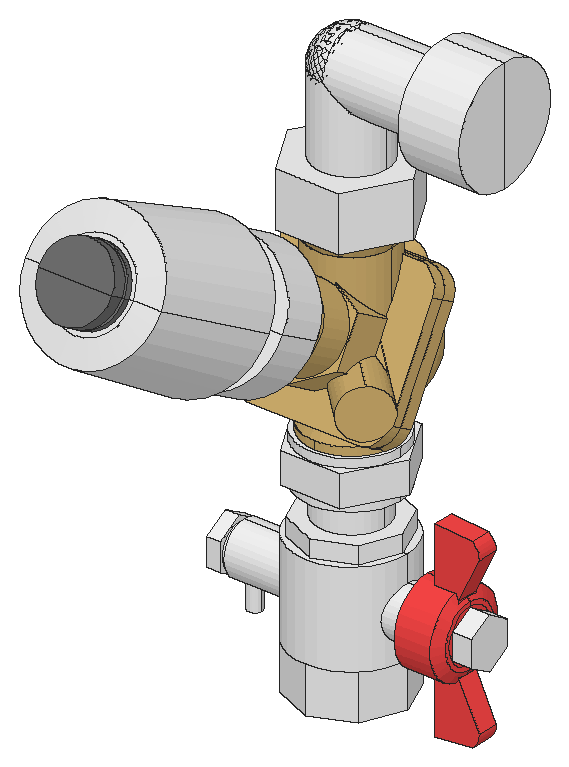
Revit family "AB-PM_DN15-25_Vertical_Part A_TWA-Q_RFA_1", category Pipe Accessories, Revit 2019
Family settings
  Round Connector Dimension = Use Diameter
  Part Type = Valve - Breaks Into
  OmniClass Number = 23.65.55.14.17
  OmniClass Title = Adjusting/Controlling Valves for Liquid Services
  Work Plane-Based = No
  Always vertical = No
  Cut with Voids When Loaded = No
  Shared = No
Parameters (values of type "AB-PM_DN15_Vertical_Part A_003Z1470")
  Valve Body Material = Danfoss Brass (DZR)
  Nominal Flow (Text) = "300 l/h"
  Nominal Flow = 0.3 m³/h
  Ha = 107 mm
  h3 = 39.5 mm
  h2 = 60 mm
  h1 = 64.3 mm
  Weight = 1.79 kg
  W = 82 mm
  Voltage = if(or(Actuator Type = [082F1600], Actuator Type = [082F1601], Actuator Type = [082F1604], Actuator Type = [082F1606], Actuator Type = [082F1610]), 230 V, 24 V)  # 230 V
  URL = "https://store.danfoss.com/en/Climate-Solutions-for-heating/Hydronic-Balancing-and-Control/Differential-Pressure-Control/Differential-Pressure-Controllers/AB-PM/c/11379?q=%3Arelevance%3Adanfoss_producttypehierarchydesc%3AAB-PM+set&text="
  Stroke = "2.25 mm"
  Pressure Drop [instance] = 0.0 Pa
  Power = 2 VA  # constant formula
  Nominal Pressure = "PN 16"  # constant formula
  Model Type = "AB-PM_DN15_Vertical_Part A"
  Model = "003Z1470"
  Min Medium Temperature = "-10 °C"  # constant formula
  Min Differential Pressure = "18 kPa"
  Max Pressure at Zero Load = "22 kPa"
  Max Medium Temperature = "120 °C"  # constant formula
  Max Differential Pressure = "400 kPa"  # constant formula
  Manufacturer = "Danfoss"  # constant formula
  LOD 350 = not(LOD 200)  # yes
  LOD 200 = no
  L4 = 45 mm
  L = h1 + h2 + h3  # 163.8 mm
  IfcExportType = "AB PM"  # constant formula
  IfcExportAs = "IfcValveType"  # constant formula
  H = 131.668 mm
  Flow [instance] = 0.0 m³/h
  Disable Notification [instance] = yes
  Description = "Automatic Balancing Valve (Connection set)"  # constant formula
  DN out = 25 mm  # constant formula
  DN = 20 mm
  D = DN  # 20 mm
  Body Material = Danfoss Nickel Plated Brass
  Ball valve type = Valve_V_A : DN_15
  Angle tube type = Angle tube connection : DN_15
  Actuator Type = TWA-Q_RFA : TWA-Q_230 V_NC_1.2m_082F1600
  AB-PM type = AB-PM_DN10-DN32_External_RFA : AB-PM_DN15_External_003Z1402
  082F1610 = TWA-Q_RFA : TWA-Q_230 V_NC_2m_082F1610
  082F1606 = TWA-Q_RFA : TWA-Q_230 V_NC_2.5m_082F1606
  082F1604 = TWA-Q_RFA : TWA-Q_230 V_NC_5m_082F1604
  082F1601 = TWA-Q_RFA : TWA-Q_230 V_NO_1.2m_082F1601
  082F1600 = TWA-Q_RFA : TWA-Q_230 V_NC_1.2m_082F1600
Reference planes
  plane 1 "Center (Front/Back)": y = 0
  plane 2: z = 0
  plane 3 "Center (Left/Right)": x = 0
  plane 4 "h1": z = 64.3
  plane 5 "h2": z = 124.3
  plane 6 "h3": z = 163.8
  plane 7: x = 45
  plane 8: x = -36.8
  plane 9: x = 45.2
  plane 10: y = -107
  plane 11: y = 24.668
  plane 12: z = 131.668
Lines and regions (mm)
  reference lines
    curve 1: line (0, 0, 163.8) -> (45, 0, 163.8)
    curve 2: line (0, 0, 163.8) -> (0, 0, 0)
Dimensions and locks
  "h1": plane 4 "h1" to level
  "h2": plane 5 "h2" to plane 4 "h1"
  "h3": plane 6 "h3" to plane 5 "h2"
  "L4": plane 7 to plane 3 "Center (Left/Right)"
  plane 6 "h3" to plane 2 = 163.8 mm
  "W": plane 9 to plane 8
  "H": plane 10 to plane 11
  "Ha": plane 10 to plane 1 "Center (Front/Back)"
  aligned and locked: level to plane 2
  aligned and locked: plane 7 to curve 1
  aligned and locked: plane 1 "Center (Front/Back)" to curve 1
  aligned and locked: nested 2 to plane 5 "h2"
  aligned and locked: plane 1 "Center (Front/Back)" to nested 2
  aligned and locked: plane 3 "Center (Left/Right)" to nested 2
  aligned and locked: nested 1 to level
  aligned and locked: plane 5 "h2" to nested 2
  aligned and locked: curve 2 to plane 3 "Center (Left/Right)"
  aligned and locked: level to curve 2
  aligned and locked: plane 6 "h3" to curve 2
  aligned and locked: plane 8 to nested 1
  aligned and locked: plane 3 "Center (Left/Right)" to nested 3
  aligned and locked: plane 4 "h1" to nested 3
  aligned and locked: plane 1 "Center (Front/Back)" to nested 3
  aligned and locked: plane 3 "Center (Left/Right)" to nested 4
  aligned and locked: nested 4 to nested 3  (x2)
Automatic sketch dimensions
  curve 1 to plane 3 "Center (Left/Right)" = 0 mm
Nested families
  nested 1: "Valve_V_A" at (0, 0, 26) x (0, 0, -1) z (0, -1, 0), type <- "Ball valve type", Ball valve <- "Body Material", LOD 200 <- "LOD 200", type "DN_15"
    with LOD 350 yes, LOD 200 no, Ball valve handle Danfoss Plastic Red, Ball valve Danfoss Nickel Plated Brass
  nested 2: "Angle tube connection" at (0, 0, 124.3), type <- "Angle tube type", type "DN_15"
    with h4 34.3 mm
  nested 3: "AB-PM_DN10-DN32_External_RFA" at (0, 0, 98.8) x (0, 0, 1) z (0, -1, 0), type <- "AB-PM type", LOD 200 <- "LOD 200", Flow <- "Flow", Pressure Drop <- "Pressure Drop", type "AB-PM_DN15_External_003Z1402"
    with ang2D 0.00°, Pressure Drop 0.0 Pa, LOD 350 yes, LOD 200 no, Flow 0.0 m³/h
  nested 4: "TWA-Q_RFA" at (0, -37.17, 114.419) x (1, 0, 0) z (0, -0.866, 0.5), LOD 200 <- "LOD 200", Voltage <- "Voltage", Power <- "Power", type <- "Actuator Type", type "TWA-Q_230 V_NC_1.2m_082F1600", detail levels fine
    with Voltage 230 V, Power 2 VA, LOD 350 yes, LOD 200 no
Connectors
  piping at (0, 0, 0), diameter 20, driven by "DN", driven by "Flow", driven by "Pressure Drop"
    settings: on curve 2, index 1, connector inside diameter 609.6 mm, connector length 0 mm, flow factor 0, pipe flow 0.0 m³/h, pressure drop 0.0 Pa, fitting loss kfactor 0, connector angle 0.00°, fixture units 0, engagement length 0 mm, angle of deflection 0.00°, flow configuration 0, flow direction 1, fitting loss method 0, system type 7, joint type 0, gender type 0, connector reference index 2, connector utility 0, adjustable connector no, is connector primary yes, connector description ""
  piping at (45, 0, 163.8), diameter 25, driven by "DN out", driven by "Flow", driven by "Pressure Drop"
    settings: on curve 1, index 2, connector inside diameter 609.6 mm, connector length 0 mm, flow factor 0, pipe flow 0.0 m³/h, pressure drop 0.0 Pa, fitting loss kfactor 0, connector angle 0.00°, fixture units 0, engagement length 0 mm, angle of deflection 0.00°, flow configuration 0, flow direction 2, fitting loss method 0, system type 7, joint type 0, gender type 0, connector reference index 1, connector utility 0, adjustable connector no, is connector primary no, connector description ""
  electrical at (0, 0, 0), driven by "Voltage", driven by "Power"
    settings: index 7, voltage 230 V, apparent load 0 VA, apparent load phase1 2 VA, apparent load phase2 0 VA, apparent load phase3 0 VA, power factor 0.95, load classification "HVAC", number of poles 1, system type 31, power factor state 1, is connector primary yes, connector utility no, sub classification motor no, connector description ""
Definition of nested family "Valve_V_A"
  Parameters (values of type "DN_15")
    x = 4 mm
    r7 = 9.8 mm
    r6 = 12.5 mm
    r5 = 16.5 mm
    r4 = 10 mm
    r3 = 9 mm
    r2 = 12.5 mm
    r1 = 7.5 mm
    l4 = 12.2 mm
    l3 = 22.6 mm
    l2 = 13.4 mm
    l1 = 15 mm
    Valve_hanle_type = Valve_Handle_V_A : 15
    Nar5 = 14.5 mm
    Nah6 = 5 mm
    Nah52 = 9.1 mm
    Nah4 = 4 mm
    Nah3 = 5.8 mm
    Nah2 = 13.5 mm
    Nah51 = 2.5 mm
    Na6 = 28 mm
    Na5 = 30 mm
    Na4 = 14 mm
    Na3 = 13 mm
    Na2 = 30.488 mm
    LOD 350 [instance] = not(LOD 200)  # yes
    LOD 200 [instance] = no
    L11 = 4.3 mm
    L1 = 60 mm
    H1 = 26.4 mm
    Default Elevation = 1219.2 mm
    D1 = 15 mm  # constant formula
    Ball valve handle [instance] = none
    Ball valve [instance] = none
  Types (3, lengths in mm): name | x | r7 | r6 | r5 | r4 | r2 | l3 | l2 | l1 | Valve_hanle_type | Nar5 | Nah6 | Nah52 | Nah4 | Nah3 | Nah2 | Nah51 | Na6 | Na5 | Na2 | L11 | L1 | H1
    DN_15 | 4 | 9.8 | 12.5 | 16.5 | 10 | 12.5 | 22.6 | 13.4 | 15 | Valve_Handle_V_A : 15 | 14.5 | 5 | 9.1 | 4 | 5.8 | 13.5 | 2.5 | 28 | 30 | 30.488 | 4.3 | 60 | 26.4
    DN_20 | 1.5 | 9.8 | 12.5 | 16.5 | 12.7 | 12.5 | 23 | 11.7 | 15 | Valve_Handle_V_A : 20 | 18 | 5 | 9.5 | 4 | 6.8 | 13.5 | 3 | 28 | 37 | 30.488 | 6.9 | 55 | 34.6
    DN_25 | 0 | 8.5 | 13 | 18 | 15.5 | 14.3 | 24.5 | 14 | 15.75 | Valve_Handle_V_A : 25 | 22.5 | 7 | 11 | 3.5 | 6.8 | 17 | 2.5 | 32 | 46 | 37 | 6.4 | 62.6 | 42
  Reference planes
    plane 1 "Center (Front/Back)": y = 0
    plane 2: z = 0
    plane 3 "Center (Left/Right)": x = 0
    plane 4 "001": x = 12.5
    plane 5 "004": x = -28.4
    plane 6 "002": y = -36.8
    plane 7 "valve handle": y = 22.6
    plane 8 "003": y = 34.8
    plane 9 "005": x = -15
    plane 10 "006": x = 12.5
  Forms (mm)
    Revolve 1, solid, material <- "Ball valve", visible <- "LOD 350", detail levels fine
      sketch origin (0, 0, 0) x (1, 0, 0) y (0, 1, 0)
        loop
          line (0, 34.8) -> (0, -33.3) -> (6.5, -33.3) -> (6.5, -31.3) -> (7.5, -31.3) -> (7.5, 34.8) -> (0, 34.8)
        axis (0, -33.3) -> (0, 34.8)
      angle from 0 to 360
    Revolve 2, solid, material <- "Ball valve", visible <- "LOD 350", detail levels fine
      sketch origin (0, 0, 0) x (1, 0, 0) y (0, 1, 0)
        loop
          line (-28.4, 10) -> (-28.4, 0) -> (12.5, 0) -> (12.5, 16.5) -> (-15, 16.5) -> (-15, 10) -> (-28.4, 10)
        axis (-28.4, 0) -> (12.5, 0)
      angle from 0 to 360
    Revolve 3, solid, material <- "Ball valve", visible <- "LOD 200", detail levels fine
      sketch origin (0, 0, 0) x (1, 0, 0) y (0, 1, 0)
        loop
          line (0, -36.8) -> (7.5, -36.8) -> (7.5, 34.8) -> (0, 34.8) -> (0, -36.8)
        axis (0, 34.8) -> (0, -36.8)
      angle from 0 to 360
    Revolve 4, solid, material <- "Ball valve", visible <- "LOD 200", detail levels fine
      sketch origin (0, 0, 0) x (1, 0, 0) y (0, 1, 0)
        loop
          line (12.5, 16.5) -> (-15, 16.5) -> (-15, 10) -> (-28.4, 10) -> (-28.4, 0) -> (12.5, 0) -> (12.5, 16.5)
        axis (12.5, 0) -> (-28.4, 0)
      angle from 0 to 360
    Revolve 5, solid, material <- "Ball valve", visible <- "LOD 350", detail levels fine
      sketch origin (0, 0, 0) x (1, 0, 0) y (0, 1, 0)
        loop
          line (15, -28.302) -> (15, -26.3) -> (0, -26.3) -> (0, -28.302) -> (15, -28.302)
        axis (0, -28.302) -> (15, -28.302)
      angle from 0 to 360
  Cuts and joins
    joined: Revolve 1, Revolve 2, Revolve 5
    joined: Revolve 3, Revolve 4
  Dimensions and locks
    "r1": plane 3 "Center (Left/Right)" to Revolve 1 sketch curve
    "l3": plane 1 "Center (Front/Back)" to plane 7 "valve handle"
    plane 6 "002" to Revolve 1 sketch curve = 3.5 mm
    plane 6 "002" to Revolve 1 sketch curve = 5.5 mm
    locked: Revolve 1 sketch curve to Revolve 1 sketch curve at 1
    "l4": plane 7 "valve handle" to plane 8 "003"
    "r5": plane 1 "Center (Front/Back)" to Revolve 2 sketch curve
    "r4": plane 1 "Center (Front/Back)" to Revolve 2 sketch curve
    "r2": plane 3 "Center (Left/Right)" to plane 4 "001"
    "l1": plane 9 "005" to plane 3 "Center (Left/Right)"
    "r5": plane 1 "Center (Front/Back)" to Revolve 4 sketch curve
    "r4": Revolve 4 sketch curve to plane 1 "Center (Front/Back)"
    "l2": plane 5 "004" to plane 9 "005"
    "r6": plane 3 "Center (Left/Right)" to plane 10 "006"
    "r1": plane 3 "Center (Left/Right)" to Revolve 3 sketch curve
    locked: plane 3 "Center (Left/Right)" to Revolve 5 sketch curve at 15
    plane 6 "002" to Revolve 5 sketch curve to Revolve 5 sketch curve = 8.498 mm locked, 2.002 mm locked
    "x": nested 6 to plane 3 "Center (Left/Right)"
    aligned and locked: level to plane 2
    aligned and locked: level to nested 1
    aligned and locked: nested 1 to plane 1 "Center (Front/Back)"
    aligned and locked: plane 3 "Center (Left/Right)" to nested 3
    aligned and locked: level to nested 3
    aligned and locked: plane 3 "Center (Left/Right)" to nested 2
    aligned and locked: plane 6 "002" to nested 2
    aligned and locked: level to nested 2
    aligned and locked: plane 1 "Center (Front/Back)" to nested 4
    aligned and locked: nested 4 to plane 2
    aligned and locked: nested 5 to plane 1 "Center (Front/Back)"
    aligned and locked: nested 5 to plane 2
    aligned and locked: Revolve 3 sketch curve to plane 3 "Center (Left/Right)"  (x2)
    aligned and locked: plane 6 "002" to Revolve 3 sketch curve
    aligned and locked: Revolve 3 sketch curve to plane 8 "003"
    aligned and locked: Revolve 4 sketch curve to plane 1 "Center (Front/Back)"
    aligned and locked: plane 1 "Center (Front/Back)" to Revolve 4 sketch curve
    aligned and locked: Revolve 4 sketch curve to plane 4 "001"
    aligned and locked: plane 5 "004" to Revolve 4 sketch curve
    aligned and locked: Revolve 4 sketch curve to plane 9 "005"
    aligned and locked: plane 3 "Center (Left/Right)" to Revolve 5 sketch curve
    aligned and locked: plane 1 "Center (Front/Back)" to nested 6
    aligned and locked: nested 7 to level
    aligned and locked: nested 7 to plane 3 "Center (Left/Right)"
  Automatic sketch dimensions
    Revolve 5 sketch curve to Revolve 5 sketch curve = 0 mm  (x2)
    Revolve 5 sketch curve to Revolve 5 sketch curve = 3.5 mm
    Revolve 1 sketch curve to plane 3 "Center (Left/Right)" = 0 mm  (x2)
    plane 8 "003" to Revolve 1 sketch curve = 0 mm
    Revolve 1 sketch curve to Revolve 1 sketch curve = 37.3 mm
    Revolve 1 sketch curve to Revolve 1 sketch curve = 9 mm
    Revolve 2 sketch curve to plane 5 "004" = 0 mm
    Revolve 2 sketch curve to plane 9 "005" = 0 mm
    Revolve 2 sketch curve to plane 4 "001" = 0 mm
    plane 1 "Center (Front/Back)" to Revolve 2 sketch curve = 0 mm  (x2)
    Revolve 2 sketch curve to plane 4 "001" = 49.8 mm
    Revolve 2 sketch curve to Revolve 2 sketch curve = 7 mm
    Revolve 3 sketch curve to Revolve 3 sketch curve = 33 mm
    Revolve 3 sketch curve to Revolve 3 sketch curve = 6 mm
    Revolve 4 sketch curve to plane 4 "001" = 63.8 mm
    Revolve 4 sketch curve to Revolve 4 sketch curve = 6 mm
  Nested families
    nested 1: "Nut_8" at (12.5, 0, 0) x (0, 0, 1) z (1, 0, 0), h <- "Nah2", a <- "Na2", Material <- "Ball valve", type "Nut_8", detail levels fine
      with h 13.5 mm, a 30.488 mm, Material none
    nested 2: "Nut_6" at (0, -36.8, 0) x (1, 0, 0) z (0, 1, 0), h <- "Nah4", a <- "Na4", visible <- "LOD 350", Material <- "Ball valve", type "Nut_6", detail levels fine
      with h 4 mm, a 14 mm, Material none
    nested 3: "Nut_6" at (0, 34.8, 0) x (1, 0, 0) z (0, 1, 0), h <- "Nah3", a <- "Na3", Material <- "Ball valve", type "Nut_6", detail levels fine
      with h 5.8 mm, a 13 mm, Material none
    nested 4: "Nut_6_Rim" at (-28.4, 0, 0) x (0, -1, 0) z (-1, 0, 0), h1 <- "Nah51", h <- "Nah52", a <- "Na5", r <- "Nar5", Material <- "Ball valve", type "Nut_6_Rim", detail levels fine
      with r 14.5 mm, h1 2.5 mm, h 9.1 mm, a 30 mm, Material none
    nested 5: "Nut_8" at (-15, 0, 0) x (0, 1, 0) z (-1, 0, 0), h <- "Nah6", visible <- "LOD 350", a <- "Na6", Material <- "Ball valve", type "Nut_8", detail levels fine
      with h 5 mm, a 28 mm, Material none
    nested 6: "Schematic_Valve" at (-4, 0, 0), D <- "D1", H <- "H1", L <- "L1", L1 <- "L11", type "Schematic_Valve"
      with L1 4.3 mm, L 60 mm, H 26.4 mm, D 15 mm
    nested 7: "Valve_Handle_V_A" at (0, 22.6, 0) x (-1, 0, 0) z (0, 1, 0), Material <- "Ball valve handle", LOD 200 <- "LOD 200", type <- "Valve_hanle_type", type "15"
      with Material none, LOD 350 yes, LOD 200 no, 25_350 no, 25_200 no, 20_350 no, 20_200 no, 15_350 yes, 15_200 no
  Definition of nested family "Nut_8"
    Parameters (values of type "Nut_8")
      h [instance] = 250 mm
      a [instance] = 244 mm
      Material [instance] = none
      Default Elevation = 1219.2 mm
    Reference planes
      plane 1 "Center (Front/Back)": y = 0
      plane 2: z = 0
      plane 3 "Center (Left/Right)": x = 0
      plane 4: through (-89.449, 215.949, 1200) normal (0.9239, 0.3827, 0)
      plane 5: through (215.949, 89.449, 1200) normal (0.3827, -0.9239, 0)
      plane 6: through (-215.949, 89.449, 1200) normal (0.3827, 0.9239, 0)
      plane 7: through (89.449, 215.949, 1200) normal (0.9239, -0.3827, 0)
    Forms (mm)
      Extrusion 1, solid, material <- "Material"
        sketch origin (0, 0, 0) x (1, 0, 0) y (0, 1, 0)
          loop
            line (0, 132.052) -> (-93.375, 93.375) -> (-132.052, 0) -> (-93.375, -93.375) -> (0, -132.052) -> (93.375, -93.375) -> (132.052, 0) -> (93.375, 93.375) -> (0, 132.052)
        from 0 to 250 <- "h"
    Dimensions and locks
      equal spacing: Extrusion 1 sketch curve, plane 4, Extrusion 1 sketch curve
      "a": Extrusion 1 sketch curve to Extrusion 1 sketch curve  (x4)
      equal spacing: Extrusion 1 sketch curve, plane 7, Extrusion 1 sketch curve
      equal spacing: Extrusion 1 sketch curve, plane 5, Extrusion 1 sketch curve
      equal spacing: Extrusion 1 sketch curve, plane 6, Extrusion 1 sketch curve
      aligned and locked: level to plane 2
  Definition of nested family "Nut_6"
    Parameters (values of type "Nut_6")
      h [instance] = 250 mm
      a [instance] = 13 mm
      Material [instance] = none
      Default Elevation = 1219.2 mm
    Reference planes
      plane 1 "Center (Front/Back)": y = 0
      plane 2: z = 0
      plane 3 "Center (Left/Right)": x = 0
      plane 4: through (-70.437, 122, 1200) normal (0.866, 0.5, 0)
      plane 5: through (70.437, 122, 1200) normal (0.866, -0.5, 0)
    Forms (mm)
      Extrusion 1, solid, material <- "Material"
        sketch origin (0, 0, 0) x (1, 0, 0) y (0, 1, 0)
          loop
            line (-3.753, 6.5) -> (-7.506, 0) -> (-3.753, -6.5) -> (3.753, -6.5) -> (7.506, 0) -> (3.753, 6.5) -> (-3.753, 6.5)
        from 0 to 250 <- "h"
    Dimensions and locks
      equal spacing: Extrusion 1 sketch curve, plane 4, Extrusion 1 sketch curve
      "a": Extrusion 1 sketch curve to Extrusion 1 sketch curve  (x3)
      equal spacing: Extrusion 1 sketch curve, plane 5, Extrusion 1 sketch curve
      equal spacing: Extrusion 1 sketch curve, plane 1 "Center (Front/Back)", Extrusion 1 sketch curve
      aligned and locked: level to plane 2
  Definition of nested family "Nut_6_Rim"
    Parameters (values of type "Nut_6_Rim")
      r [instance] = 4 mm
      h1 [instance] = 5 mm
      h [instance] = 18.265 mm
      a [instance] = 13 mm
      Material [instance] = none
      Default Elevation = 1219.2 mm
    Reference planes
      plane 1 "Center (Front/Back)": y = 0
      plane 2: z = 0
      plane 3 "Center (Left/Right)": x = 0
      plane 4: through (-70.437, 122, 1200) normal (0.866, 0.5, 0)
      plane 5: through (70.437, 122, 1200) normal (0.866, -0.5, 0)
      plane 6: z = 23.265
      plane 7: z = 28.265
      plane 8: z = 5
    Forms (mm)
      Extrusion 1, solid, material <- "Material"
        sketch origin (0, 0, 0) x (1, 0, 0) y (0, 1, 0)
          loop
            line (-3.753, 6.5) -> (-7.506, 0) -> (-3.753, -6.5) -> (3.753, -6.5) -> (7.506, 0) -> (3.753, 6.5) -> (-3.753, 6.5)
        from 5 to 23.265
      Extrusion 2, solid, material <- "Material"
        sketch origin (0, 0, 0) x (1, 0, 0) y (0, 1, 0)
          loop
            circle (0, 0) r 4
        from 0 to 28.265
    Cuts and joins
      joined: Extrusion 1, Extrusion 2
    Dimensions and locks
      equal spacing: Extrusion 1 sketch curve, plane 4, Extrusion 1 sketch curve
      "a": Extrusion 1 sketch curve to Extrusion 1 sketch curve  (x3)
      equal spacing: Extrusion 1 sketch curve, plane 5, Extrusion 1 sketch curve
      equal spacing: Extrusion 1 sketch curve, plane 1 "Center (Front/Back)", Extrusion 1 sketch curve
      "h1": plane 7 to plane 6
      "h": plane 6 to plane 8
      "h1": plane 8 to level
      "r": radius of Extrusion 2 sketch curve
      aligned and locked: level to plane 2
      aligned and locked: Extrusion 2 to plane 7
      aligned and locked: Extrusion 2 to level
      aligned and locked: plane 8 to Extrusion 1
      aligned and locked: Extrusion 1 to plane 6
    Automatic sketch dimensions
      plane 1 "Center (Front/Back)" to Extrusion 2 sketch curve = 0 mm
      Extrusion 2 sketch curve to plane 3 "Center (Left/Right)" = 0 mm
  Definition of nested family "Valve_Handle_V_A"
    Parameters (values of type "15")
      type = 15
      l1 = 12.3 mm
      h1 = 12.2 mm
      Material [instance] = none
      LOD 350 [instance] = not(LOD 200)  # no
      LOD 200 [instance] = yes
      Default Elevation = 1219.2 mm
      25_350 [instance] = and(LOD 350, type = 25)  # no
      25_200 [instance] = and(LOD 200, type = 25)  # no
      20_350 [instance] = and(LOD 350, type = 20)  # no
      20_200 [instance] = and(LOD 200, type = 20)  # no
      15_350 [instance] = and(LOD 350, type = 15)  # no
      15_200 [instance] = and(LOD 200, type = 15)  # yes
    Types (4, lengths in mm): name | type | LOD 350 | LOD 200 | 25_350 | 20_350 | 15_200
      (no name) | 15 | no | yes | no | no | yes
      15 | 15 | no | yes | no | no | yes
      20 | 20 | yes | no | no | yes | no
      25 | 25 | yes | no | yes | no | no
    Reference planes
      plane 1 "Center (Front/Back)": y = 0
      plane 2: z = 0
      plane 3 "Center (Left/Right)": x = 0
    Forms (mm)
      Revolve 1, solid, material <- "Material", visible <- "LOD 200", detail levels fine
        sketch origin (0, 0, 0) x (1, 0, 0) y (0, 0, 1)
          loop
            line (0, 12.2) -> (-12.3, 12.2) -> (-12.3, 0) -> (0, 0) -> (0, 12.2)
          axis (0, 0) -> (0, 12.2)
        angle from 0 to 360
      Revolve 2, solid, material <- "Material", visible <- "LOD 350", detail levels fine
        sketch origin (0, 0, 0) x (1, 0, 0) y (0, 0, 1)
          loop
            line (0, 12.2) -> (-8.961, 12.2) -> (-12.3, 10.362) -> (-12.3, 0) -> (0, 0) -> (0, 12.2)
          axis (0, 0) -> (0, 12.2)
        angle from 0 to 360
      Extrusion 3, solid, material <- "Material", visible <- "15_200", detail levels fine
        sketch origin (0, 0, 0) x (1, 0, 0) y (0, 0, 1)
          loop
            line (-28, 4.5) -> (28, 4.5) -> (26.712, 19.225) -> (11.595, 12.2) -> (-11.634, 12.2) -> (-26.711, 19.231) -> (-28, 4.5)
        from -3 to 3
      Extrusion 4, solid, material <- "Material", visible <- "15_350", detail levels fine
        sketch origin (0, 0, 0) x (1, 0, 0) y (0, 0, 1)
          loop
            arc (-23, 17.5) -> (-25.268, 16.956) -> (-27.043, 15.442) r 5
            line (-27.043, 15.442) -> (-28, 4.5) -> (28, 4.5) -> (27.043, 15.442)
            arc (27.043, 15.442) -> (25.268, 16.956) -> (23, 17.5) r 5
            line (23, 17.5) -> (10.146, 11.527) -> (-10.19, 11.527) -> (-23, 17.5)
        from -3 to 3
      Extrusion 5, solid, material <- "Material", visible <- "20_200", detail levels fine
        sketch origin (0, 0, 0) x (1, 0, 0) y (0, 0, 1)
          loop
            line (-8.734, 12.2) -> (-26.64, 20.549) -> (-28.044, 4.5) -> (28.044, 4.5) -> (26.64, 20.549) -> (8.734, 12.2) -> (-8.734, 12.2)
        from -3 to 3
      Extrusion 6, solid, material <- "Material", visible <- "20_350", detail levels fine
        sketch origin (0, 0, 0) x (1, 0, 0) y (0, 0, 1)
          loop
            line (-8.734, 12.2) -> (-20.168, 17.532)
            arc (-20.168, 17.532) -> (-24.781, 17.33) -> (-27.262, 13.436) r 5
            line (-27.262, 13.436) -> (-28.044, 4.5) -> (28.044, 4.5) -> (27.262, 13.436)
            arc (27.262, 13.436) -> (24.781, 17.33) -> (20.168, 17.532) r 5
            line (20.168, 17.532) -> (8.734, 12.2) -> (-8.734, 12.2)
        from -3 to 3
      Extrusion 7, solid, material <- "Material", visible <- "25_200", detail levels fine
        sketch origin (0, 0, 0) x (1, 0, 0) y (0, 0, 1)
          loop
            line (-8.734, 12.2) -> (-26.64, 20.549) -> (-28.044, 4.5) -> (28.044, 4.5) -> (26.64, 20.549) -> (8.734, 12.2) -> (-8.734, 12.2)
        from -3 to 3
      Extrusion 8, solid, material <- "Material", visible <- "25_350", detail levels fine
        sketch origin (0, 0, 0) x (1, 0, 0) y (0, 0, 1)
          loop
            line (-8.734, 12.2) -> (-20.168, 17.532)
            arc (-20.168, 17.532) -> (-24.781, 17.33) -> (-27.262, 13.436) r 5
            line (-27.262, 13.436) -> (-28.044, 4.5) -> (28.044, 4.5) -> (27.262, 13.436)
            arc (27.262, 13.436) -> (24.781, 17.33) -> (20.168, 17.532) r 5
            line (20.168, 17.532) -> (8.734, 12.2) -> (-8.734, 12.2)
        from -3 to 3
    Dimensions and locks
      "l1": plane 3 "Center (Left/Right)" to Revolve 1 sketch curve
      "h1": Revolve 1 sketch curve to level
      "l1": plane 3 "Center (Left/Right)" to Revolve 2 sketch curve
      "h1": Revolve 2 sketch curve to level
      aligned and locked: level to plane 2
      aligned and locked: plane 3 "Center (Left/Right)" to Revolve 1 sketch curve
      aligned and locked: Revolve 1 sketch curve to plane 3 "Center (Left/Right)"
      aligned and locked: Revolve 1 sketch curve to level
    Automatic sketch dimensions
      level to Extrusion 3 sketch curve = 4.5 mm
      Extrusion 3 sketch curve to plane 3 "Center (Left/Right)" = 28 mm
      Extrusion 3 sketch curve to Extrusion 3 sketch curve = 1.289 mm
      plane 3 "Center (Left/Right)" to Extrusion 3 sketch curve = 26.712 mm
      Extrusion 3 sketch curve to Extrusion 3 sketch curve = 1.288 mm
      Extrusion 3 sketch curve to Extrusion 3 sketch curve = 14.725 mm
      Extrusion 3 sketch curve to Extrusion 3 sketch curve = 14.731 mm
      Extrusion 3 sketch curve to plane 3 "Center (Left/Right)" = 11.634 mm
      plane 3 "Center (Left/Right)" to Extrusion 3 sketch curve = 11.595 mm
      level to Extrusion 3 sketch curve = 12.2 mm
      level to Extrusion 5 sketch curve = 4.5 mm
      Extrusion 5 sketch curve to plane 3 "Center (Left/Right)" = 28.044 mm
      Extrusion 5 sketch curve to Extrusion 5 sketch curve = 1.404 mm  (x2)
      Extrusion 5 sketch curve to plane 3 "Center (Left/Right)" = 8.734 mm
      plane 3 "Center (Left/Right)" to Extrusion 5 sketch curve = 26.64 mm
      level to Extrusion 5 sketch curve = 12.2 mm
      Extrusion 5 sketch curve to Extrusion 5 sketch curve = 16.049 mm  (x2)
      plane 3 "Center (Left/Right)" to Extrusion 5 sketch curve = 8.734 mm
      level to Extrusion 6 sketch curve = 4.5 mm
      Extrusion 6 sketch curve to plane 3 "Center (Left/Right)" = 28.044 mm
      level to Extrusion 6 sketch curve = 13.436 mm
      Extrusion 6 sketch curve to Extrusion 6 sketch curve = 0.782 mm
      Extrusion 6 sketch curve to Extrusion 6 sketch curve = 4.981 mm  (x2)
      Extrusion 6 sketch curve to Extrusion 6 sketch curve = 2.113 mm  (x2)
      Extrusion 6 sketch curve to plane 3 "Center (Left/Right)" = 8.734 mm
      plane 3 "Center (Left/Right)" to Extrusion 6 sketch curve = 8.734 mm
      Extrusion 6 sketch curve to Extrusion 6 sketch curve = 13.547 mm
      Extrusion 6 sketch curve to Extrusion 6 sketch curve = 5.763 mm
      level to Extrusion 6 sketch curve = 12.2 mm
      Extrusion 6 sketch curve to Extrusion 6 sketch curve = 8.5 mm
      Extrusion 6 sketch curve to Extrusion 6 sketch curve = 0.436 mm
      Extrusion 6 sketch curve to Extrusion 6 sketch curve = 4.532 mm
      level to Extrusion 7 sketch curve = 4.5 mm
      Extrusion 7 sketch curve to plane 3 "Center (Left/Right)" = 28.044 mm
      Extrusion 7 sketch curve to Extrusion 7 sketch curve = 1.404 mm  (x2)
      Extrusion 7 sketch curve to plane 3 "Center (Left/Right)" = 8.734 mm
      plane 3 "Center (Left/Right)" to Extrusion 7 sketch curve = 26.64 mm
      level to Extrusion 7 sketch curve = 12.2 mm
      Extrusion 7 sketch curve to Extrusion 7 sketch curve = 16.049 mm  (x2)
      plane 3 "Center (Left/Right)" to Extrusion 7 sketch curve = 8.734 mm
      level to Extrusion 8 sketch curve = 4.5 mm
      Extrusion 8 sketch curve to plane 3 "Center (Left/Right)" = 28.044 mm
      level to Extrusion 8 sketch curve = 13.436 mm  (x2)
      Extrusion 8 sketch curve to Extrusion 8 sketch curve = 0.782 mm  (x2)
      Extrusion 8 sketch curve to Extrusion 8 sketch curve = 4.981 mm  (x2)
      Extrusion 8 sketch curve to Extrusion 8 sketch curve = 2.113 mm  (x2)
      Extrusion 8 sketch curve to plane 3 "Center (Left/Right)" = 8.734 mm
      plane 3 "Center (Left/Right)" to Extrusion 8 sketch curve = 20.168 mm
      level to Extrusion 8 sketch curve = 12.2 mm
      Extrusion 8 sketch curve to Extrusion 8 sketch curve = 0.436 mm  (x2)
      plane 3 "Center (Left/Right)" to Extrusion 8 sketch curve = 8.734 mm
      level to Extrusion 4 sketch curve = 4.5 mm
      Extrusion 4 sketch curve to Extrusion 4 sketch curve = 0.957 mm
      Extrusion 4 sketch curve to Extrusion 4 sketch curve = 4.043 mm
      plane 3 "Center (Left/Right)" to Extrusion 4 sketch curve = 10.146 mm
      Extrusion 4 sketch curve to Extrusion 4 sketch curve = 12.854 mm
      Extrusion 4 sketch curve to Extrusion 4 sketch curve = 0 mm
      level to Extrusion 4 sketch curve = 15.442 mm
      Extrusion 4 sketch curve to Extrusion 4 sketch curve = 4.042 mm
      Extrusion 4 sketch curve to Extrusion 4 sketch curve = 5 mm
      Extrusion 4 sketch curve to Extrusion 4 sketch curve = 2.942 mm  (x2)
      Extrusion 4 sketch curve to Extrusion 4 sketch curve = 8 mm
      Extrusion 4 sketch curve to plane 3 "Center (Left/Right)" = 10.19 mm
      Extrusion 4 sketch curve to Extrusion 4 sketch curve = 12.81 mm
      level to Extrusion 4 sketch curve = 11.527 mm
      Revolve 1 sketch curve to Revolve 1 sketch curve = 17.8 mm
      Revolve 1 sketch curve to Revolve 1 sketch curve = 4 mm
      Revolve 2 sketch curve to level = 0 mm
      Revolve 2 sketch curve to plane 3 "Center (Left/Right)" = 0 mm  (x2)
      Revolve 2 sketch curve to Revolve 2 sketch curve = 3.339 mm
      Revolve 2 sketch curve to Revolve 2 sketch curve = 1.838 mm
      Revolve 2 sketch curve to Revolve 2 sketch curve = 17.8 mm
      Revolve 2 sketch curve to Revolve 2 sketch curve = 4 mm
  Definition of nested family "Schematic_Valve"
    Parameters (values of type "Schematic_Valve")
      L1 [instance] = 10 mm
      L [instance] = 68 mm
      H [instance] = 40 mm
      D [instance] = 16 mm
    Reference planes
      plane 1 "Center (Front/Back)": y = 0
      plane 2: z = 0
      plane 3 "Center (Left/Right)": x = 0
      plane 4: x = -34
      plane 5: x = 34
      plane 6: y = 20
      plane 7: y = -20
      plane 8: z = 20
      plane 9: z = -20
    Lines and regions (mm)
      model lines, detail levels coarse+medium
        curve 1: circle (0, 0, 0) r 8 normal (0, 0, 1)
        curve 4: line (-34, -20, 0) -> (-34, 20, 0)
        curve 5: line (-34, 20, 0) -> (-6.895, 4.056, 0)
        curve 6: line (-34, -20, 0) -> (-6.895, -4.056, 0)
        curve 7: line (6.895, 4.056, 0) -> (34, 20, 0)
        curve 8: line (34, 20, 0) -> (34, -20, 0)
        curve 9: line (34, -20, 0) -> (6.895, -4.056, 0)
        curve 10: line (-34, 0, 0) -> (-44, 0, 0)
      reference lines
        curve 2: line (-34, 20, 0) -> (34, -20, 0)
        curve 3: line (34, 20, 0) -> (-34, -20, 0)
        curve 11: line (-34, 0, 20) -> (34, 0, -20)
        curve 12: line (34, 0, 20) -> (-34, 0, -20)
      symbolic lines, detail levels coarse+medium
        curve 13: circle (0, 0, 0) r 8 normal (0, -1, 0)
        curve 14: line (-6.895, 0, -4.056) -> (-34, 0, -20)
        curve 15: line (-34, 0, -20) -> (-34, 0, 20)
        curve 16: line (-34, 0, 20) -> (-6.895, 0, 4.056)
        curve 17: line (6.895, 0, -4.056) -> (34, 0, -20)
        curve 18: line (34, 0, -20) -> (34, 0, 20)
        curve 19: line (34, 0, 20) -> (6.895, 0, 4.056)
    Dimensions and locks
      equal spacing: plane 4, plane 3 "Center (Left/Right)", plane 5
      equal spacing: plane 6, plane 1 "Center (Front/Back)", plane 7
      "L": plane 4 to plane 5
      "H": plane 6 to plane 7
      "L1": curve 10 to plane 4
      equal spacing: plane 8, level, plane 9
      "H": plane 8 to plane 9
      "D": diameter of curve 1
      "D": diameter of curve 13
      aligned and locked: level to plane 2
      aligned and locked: plane 4 to curve 2
      aligned and locked: plane 6 to curve 2
      aligned and locked: plane 5 to curve 3
      aligned and locked: plane 6 to curve 3
      aligned and locked: plane 7 to curve 2
      aligned and locked: plane 5 to curve 2
      aligned and locked: plane 4 to curve 3
      aligned and locked: plane 7 to curve 3
      aligned and locked: curve 5 to curve 2
      aligned and locked: curve 6 to curve 3
      aligned and locked: curve 9 to curve 2
      aligned and locked: curve 7 to curve 3
      aligned and locked: curve 10 to plane 1 "Center (Front/Back)"
      aligned and locked: plane 8 to curve 11
      aligned and locked: plane 4 to curve 11
      aligned and locked: plane 5 to curve 11
      aligned and locked: plane 9 to curve 11
      aligned and locked: plane 4 to curve 12
      aligned and locked: plane 9 to curve 12
      aligned and locked: plane 5 to curve 12
      aligned and locked: plane 8 to curve 12
      aligned and locked: curve 12 to curve 14
      aligned and locked: curve 16 to curve 11
      aligned and locked: curve 19 to curve 12
      aligned and locked: curve 11 to curve 17
    Automatic sketch dimensions
      curve 15 to plane 4 = 0 mm
      curve 13 to level = 0 mm
      curve 13 to plane 3 "Center (Left/Right)" = 0 mm
      curve 18 to plane 5 = 0 mm
      curve 4 to plane 4 = 0 mm
      plane 1 "Center (Front/Back)" to curve 1 = 0 mm
      curve 1 to plane 3 "Center (Left/Right)" = 0 mm
      curve 9 to plane 5 = 0 mm
Definition of nested family "Angle tube connection"
  Parameters (values of type "DN_15")
    h4 = 7.34 mm
    h3 = 39.5 mm
    Ra2 = 16.625 mm
    Ra1 = 10.5 mm
    Nha = 16.1 mm
    Na1 = 32 mm
    Material = none
    La1 = 17.845 mm
    L4 = 45 mm
  Types (3, lengths in mm): name | h3 | Ra1 | Nha | Na1 | La1 | L4
    DN_15 | 39.5 | 10.5 | 16.1 | 32 | 17.845 | 45
    DN_20 | 41 | 12.5 | 18 | 37 | 14.5 | 35
    DN_25 | 52 | 12.5 | 21.5 | 46.5 | 14.5 | 36.5
  Reference planes
    plane 1 "Center (Front/Back)": y = 0
    plane 2: z = 0
    plane 3 "Center (Left/Right)": x = 0
    plane 4: z = 39.5
    plane 5: x = 45
    plane 6: z = 32.16
  Forms (mm)
    Revolve 1, solid, material <- "Material", detail levels fine
      sketch origin (0, 0, 0) x (1, 0, 0) y (0, 0, 1)
        loop
          line (0, 0) -> (10.5, 0) -> (10.5, 39.5)
          arc (10.5, 39.5) -> (7.425, 46.925) -> (0, 50) r 10.5
          line (0, 50) -> (0, 0)
        axis (0, 0) -> (0, 50)
      angle from 0 to 360
    Revolve 2, solid, material <- "Material", detail levels fine
      sketch origin (0, 0, 0) x (1, 0, 0) y (0, 0, 1)
        loop
          line (-10.5, 39.5) -> (45, 39.5) -> (45, 56.125) -> (27.155, 56.125) -> (27.155, 50) -> (0, 50)
          arc (0, 50) -> (-7.425, 46.925) -> (-10.5, 39.5) r 10.5
        axis (-10.5, 39.5) -> (45, 39.5)
      angle from 0 to 360
    Extrusion 3, solid, material <- "Material", detail levels fine
      sketch origin (0, 0, 0) x (1, 0, 0) y (0, 1, 0)
        loop
          line (-9.238, 16) -> (-18.475, 0) -> (-9.238, -16) -> (9.238, -16) -> (18.475, 0) -> (9.238, 16) -> (-9.238, 16)
      from 0 to 16.1 <- "Nha"
  Lines and regions (mm)
    reference lines
      curve 1: line (6.64, 11.5, 0) -> (-6.64, -11.5, 0)
      curve 2: line (6.64, -11.5, 0) -> (-6.64, 11.5, 0)
    model lines, detail levels coarse+medium
      curve 3: line (0, 0, 32.16) -> (0, 0, 39.5)
      curve 4: line (0, 0, 39.5) -> (45, 0, 39.5)
  Dimensions and locks
    "h3": plane 4 to level
    "L4": plane 5 to plane 3 "Center (Left/Right)"
    "Ra1": Revolve 1 sketch curve to plane 3 "Center (Left/Right)"
    "Ra1": Revolve 2 sketch curve to plane 4
    "Ra2": Revolve 2 sketch curve to plane 4
    "La1": plane 5 to Revolve 2 sketch curve
    equal spacing: Extrusion 3 sketch curve, curve 2, Extrusion 3 sketch curve
    equal spacing: Extrusion 3 sketch curve, curve 1, Extrusion 3 sketch curve
    equal spacing: Extrusion 3 sketch curve, plane 1 "Center (Front/Back)", Extrusion 3 sketch curve
    "Na1": Extrusion 3 sketch curve to Extrusion 3 sketch curve  (x3)
    "h4": plane 4 to plane 6
    "Ra1": radius of Revolve 1 sketch curve
    "Ra1": radius of Revolve 2 sketch curve
    aligned and locked: level to plane 2
    aligned and locked: plane 3 "Center (Left/Right)" to Revolve 1 sketch curve  (x2)
    aligned and locked: plane 2 to Revolve 1 sketch curve
    aligned and locked: Revolve 2 sketch curve to plane 4  (x2)
    aligned and locked: plane 5 to Revolve 2 sketch curve
    aligned and locked: plane 3 "Center (Left/Right)" to curve 3
    aligned and locked: curve 4 to plane 4
    aligned and locked: plane 5 to curve 4
    aligned and locked: plane 6 to curve 3
  Automatic sketch dimensions
    curve 1 to plane 3 "Center (Left/Right)" = 6.64 mm
    curve 2 to plane 3 "Center (Left/Right)" = 6.64 mm
    plane 3 "Center (Left/Right)" to curve 1 = 6.64 mm
    plane 3 "Center (Left/Right)" to curve 2 = 6.64 mm
    plane 1 "Center (Front/Back)" to curve 1 = 11.5 mm
    plane 1 "Center (Front/Back)" to curve 2 = 11.5 mm
    curve 2 to plane 1 "Center (Front/Back)" = 11.5 mm
    curve 1 to plane 1 "Center (Front/Back)" = 11.5 mm
    Revolve 1 sketch curve to plane 4 = 0 mm
    Revolve 1 sketch curve to Revolve 1 sketch curve = 12 mm
    Revolve 1 sketch curve to Revolve 1 sketch curve = 4 mm
    Revolve 2 sketch curve to plane 3 "Center (Left/Right)" = 0 mm
    Revolve 2 sketch curve to Revolve 2 sketch curve = 10 mm
    Revolve 2 sketch curve to Revolve 2 sketch curve = 13 mm
Definition of nested family "AB-PM_DN10-DN32_External_RFA"
  Parameters (values of type "AB-PM_DN15_External_003Z1402")
    W = 53 mm
    RN2 = 12.7 mm
    Nominal Pressure = "PN 16"  # constant formula
    Nominal Flow (Text) = "300 l/h"
    Nominal Flow = 0.3 m³/h
    Max Pressure at Zero Load = "22 kPa"
    H_IT = -21 mm
    ang2D [instance] = 0.00°
    H_A2 = 23.5 mm
    L_TP = 10 mm
    Weight = 0.42 kg
    Valve Body Material = none
    URL = "https://store.danfoss.com/en/Climate-Solutions-for-heating/Hydronic-Balancing-and-Control/Differential-Pressure-Control/Differential-Pressure-Controllers/AB-PM/c/11379?q=%3Arelevance%3Adanfoss_producttypehierarchydesc%3A13d875d928784f5ca0d2daea9d250a06380cf56d%3Adanfoss_a50461501115_fts%3ATA6_1501121&text="
    H_TP = 30 mm
    TD = R_V1_1 * 2  # 26.4 mm
    Stroke = "2.25 mm"
    H_Plate__ve = -H_Plate  # -4 mm
    H_Plate = 4 mm
    R_Arc1 = 7 mm
    R_IT = 6 mm
    R_C = 18 mm
    R_B4 = 16.5 mm
    RN1 = 14.4 mm
    R_V1 = 12 mm
    R_TP = 7.2 mm
    Pressure Drop [instance] = 0.0 Pa
    Model Type = "AB-PM_DN15_External"
    Model = "003Z1402"
    Min Medium Temperature = "-10 C"  # constant formula
    Min Differential Pressure = "18 kPa"
    Max Medium Temperature = "120 C"  # constant formula
    Max Differential Pressure = "400 kPa"  # constant formula
    Manufacturer = "Danfoss"  # constant formula
    H_A5 = 6 mm
    H_A4 = 2 mm
    L_IT = 5 mm
    LOD 350 [instance] = not(LOD 200)  # yes
    LOD 200 [instance] = no
    H_N2 = 9.5 mm
    H_N1 = 12.6 mm
    L1_2 = 25.5 mm
    L1 = 46.7 mm
    L3 = 2.7 mm
    L2 = 6.5 mm
    L_Plate = 45 mm
    L = 64.9 mm
    IfcExportType = "AB-PM"  # constant formula
    IfcExportAs = "IfcValveType"  # constant formula
    H_A = 16 mm
    H_A1 = 10 mm
    H2 = 25 mm
    H_A3 = 1 mm
    H1 = 77 mm
    H = H1 + H2  # 102 mm
    GAP2 = 1 mm
    GAP = 0.5 mm
    Flow [instance] = 0.0 m³/h
    Description = "Automatic Balancing Valve"  # constant formula
    R_B2 = 12 mm
    R_B3 = 12 mm
    R_V1_1 = 13.2 mm
    D = 15 mm
    Connection = "External Thread"  # constant formula
    R_N2 = RN2 * cos(30.00°)  # 10.999 mm
    R_N1 = RN1 * cos(30.00°)  # 12.471 mm
    R_Arc2 = 18 mm
    R_B1 = 16 mm
    A_3 = 10 mm
    A_2 = 12 mm
    A_1 = 14.3 mm
    A = 30.00°
  Types (10, lengths in mm): name | W | RN2 | Nominal Flow (Text) | Nominal Flow | Max Pressure at Zero Load | H_IT | H_A2 | L_TP | Weight | H_TP | TD | Stroke | H_Plate__ve | H_Plate | R_Arc1 | R_IT | R_B4 | RN1 | R_V1 | Model Type | Model | Min Differential Pressure | H_A5 | H_A4 | L_IT | H_N2 | H_N1 | L1_2 | L1 | L3 | L2 | L_Plate | L | H_A | H_A1 | H2 | H_A3 | H1 | H | R_B2 | R_B3 | R_V1_1 | D | R_N2 | R_N1 | R_Arc2 | R_B1 | A_3 | A_2 | A_1
    AB-PM_DN32 HP_External_003Z1415 | 90 | 22.1 | "2300 l/h" | 2.3 m³/h | "35 kPa" | -33.5 | 40 | 17 | 2.14 kg | 40 | 48 | "4.50 mm" | -8 | 8 | 7 | 6.5 | 16.5 | 28 | 22 | "AB-PM_DN32 HP_External" | "003Z1415" | "28 kPa" | 6.5 | 5 | 14 | 7 | 20 | 47 | 94 | 5 | 13 | 90 | 130 | 23 | 24.5 | 49 | 4 | 98 | 147 | 22 | 24 | 24 | 32 | 19.139 | 24.249 | 22 | 23.5 | 11 | 24 | 28
    AB-PM_DN25 HP_External_003Z1414 | 71 | 18 | "1200 l/h" | 1.2 m³/h | "35 kPa" | -28 | 31 | 13 | 1.21 kg | 32 | 42 | "4.50 mm" | -6 | 6 | 12 | 6.5 | 16.5 | 22.4 | 17 | "AB-PM_DN25 HP_External" | "003Z1414" | "28 kPa" | 6.3 | 3 | 10 | 7 | 16 | 37 | 74 | 5 | 10 | 71 | 104 | 20 | 20 | 39.5 | 5 | 87.3 | 126.8 | 17 | 19 | 21 | 25 | 15.588 | 19.399 | 21 | 20 | 10 | 18 | 22
    AB-PM_DN15 HP_External_003Z1412 | 53 | 12.7 | "300 l/h" | 0.3 m³/h | "35 kPa" | -21 | 23.5 | 10 | 0.42 kg | 30 | 26.4 | "2.25 mm" | -4 | 4 | 7 | 6 | 16.5 | 14.4 | 12 | "AB-PM_DN15 HP_External" | "003Z1412" | "28 kPa" | 6 | 2 | 5 | 9.5 | 12.6 | 25.5 | 46.7 | 2.7 | 6.5 | 45 | 64.9 | 16 | 10 | 25 | 1 | 77 | 102 | 12 | 12 | 13.2 | 15 | 10.999 | 12.471 | 18 | 16 | 10 | 12 | 14.3
    AB-PM_DN20 HP_External_003Z1413 | 56 | 12.7 | "600 l/h" | 0.6 m³/h | "35 kPa" | -23.5 | 18 | 13 | 0.63 kg | 32 | 34 | "2.25 mm" | -6 | 6 | 12 | 6 | 16.5 | 18.5 | 13 | "AB-PM_DN20 HP_External" | "003Z1413" | "28 kPa" | 6 | 4.5 | 8 | 9 | 16 | 31 | 60 | 3 | 8 | 56 | 82 | 16 | 14.5 | 31 | 5 | 79 | 110 | 12.5 | 12.5 | 17 | 20 | 10.999 | 16.021 | 16 | 16 | 9 | 12.5 | 18.5
    AB-PM_DN10 HP_External_003Z1411 | 45 | 12.7 | "110 l/h" | 0.11 m³/h | "35 kPa" | -19.5 | 20 | 11.5 | 0.31 kg | 25 | 20 | "2.25 mm" | -3.5 | 3.5 | 7 | 6 | 17 | 14.4 | 8 | "AB-PM_DN10 HP_External" | "003Z1411" | "28 kPa" | 6 | 2 | 3 | 10 | 8 | 21.5 | 37 | 3 | 5 | 35 | 53 | 12.5 | 9 | 20 | 1 | 74 | 94 | 12 | 12 | 10 | 10 | 10.999 | 12.471 | 15 | 12.5 | 10 | 12 | 14.3
    AB-PM_DN15_External_003Z1402 | 53 | 12.7 | "300 l/h" | 0.3 m³/h | "22 kPa" | -21 | 23.5 | 10 | 0.42 kg | 30 | 26.4 | "2.25 mm" | -4 | 4 | 7 | 6 | 16.5 | 14.4 | 12 | "AB-PM_DN15_External" | "003Z1402" | "18 kPa" | 6 | 2 | 5 | 9.5 | 12.6 | 25.5 | 46.7 | 2.7 | 6.5 | 45 | 64.9 | 16 | 10 | 25 | 1 | 77 | 102 | 12 | 12 | 13.2 | 15 | 10.999 | 12.471 | 18 | 16 | 10 | 12 | 14.3
    AB-PM_DN20_External_003Z1403 | 56 | 12.7 | "600 l/h" | 0.6 m³/h | "22 kPa" | -23.5 | 18 | 13 | 0.63 kg | 32 | 34 | "2.25 mm" | -6 | 6 | 12 | 6 | 16.5 | 18.5 | 13 | "AB-PM_DN20_External" | "003Z1403" | "18 kPa" | 6 | 4.5 | 8 | 9 | 16 | 31 | 60 | 3 | 8 | 56 | 82 | 16 | 14.5 | 31 | 5 | 79 | 110 | 12.5 | 12.5 | 17 | 20 | 10.999 | 16.021 | 16 | 16 | 9 | 12.5 | 18.5
    AB-PM_DN25_External_003Z1404 | 71 | 18 | "1200 l/h" | 1.2 m³/h | "22 kPa" | -28 | 31 | 13 | 1.21 kg | 32 | 42 | "4.50 mm" | -6 | 6 | 12 | 6.5 | 16.5 | 22.4 | 17 | "AB-PM_DN25_External" | "003Z1404" | "18 kPa" | 6.3 | 3 | 10 | 7 | 16 | 37 | 74 | 5 | 10 | 71 | 104 | 20 | 20 | 39.5 | 5 | 87.3 | 126.8 | 17 | 19 | 21 | 25 | 15.588 | 19.399 | 21 | 20 | 10 | 18 | 22
    AB-PM_DN32_External_003Z1405 | 90 | 22.1 | "2300 l/h" | 2.3 m³/h | "22 kPa" | -33.5 | 40 | 17 | 2.14 kg | 40 | 48 | "4.50 mm" | -8 | 8 | 7 | 6.5 | 16.5 | 28 | 22 | "AB-PM_DN32_External" | "003Z1405" | "18 kPa" | 6.5 | 5 | 14 | 7 | 20 | 47 | 94 | 5 | 13 | 90 | 130 | 23 | 24.5 | 49 | 4 | 98.4 | 147.4 | 22 | 24 | 24 | 32 | 19.139 | 24.249 | 22 | 23.5 | 11 | 24 | 28
    AB-PM_DN10_External_003Z1401 | 45 | 12.7 | "110 l/h" | 0.11 m³/h | "22 kPa" | -19.5 | 20 | 11.5 | 0.31 kg | 25 | 20 | "2.25 mm" | -3.5 | 3.5 | 7 | 6 | 17 | 14.4 | 8 | "AB-PM_DN10_External" | "003Z1401" | "18 kPa" | 6 | 2 | 3 | 10 | 8 | 21.5 | 37 | 3 | 5 | 35 | 53 | 12.5 | 9 | 20 | 1 | 74 | 94 | 12 | 12 | 10 | 10 | 10.999 | 12.471 | 15 | 12.5 | 10 | 12 | 14.3
  Reference planes
    plane 1 "Center (Front/Back)": y = 0
    plane 2 "XYPLANE": z = 0
    plane 3 "Center (Left/Right)": x = 0
    plane 4 "293": x = -10
    plane 5 "292": x = -10
    plane 6 "249": through (0, 465.983, 594.677) normal (0, -0.7071, 0.7071)
    plane 7 "248": through (0, 487.197, 573.464) normal (0, -0.7071, 0.7071)
    plane 8 "247": through (0, 487.904, 572.756) normal (0, -0.7071, 0.7071)
    plane 9 "246": through (0, 509.117, 551.543) normal (0, -0.7071, 0.7071)
    plane 10 "245": x = 0
    plane 11 "244": through (0, 530.33, -530.33) normal (0, 0.7071, 0.7071)
    plane 12 "243": through (0, 530.33, 530.33) normal (0, -0.7071, 0.7071)
    plane 13 "237": through (369.753, 0, 652.548) normal (0.866, 0, -0.5)
    plane 14 "236": through (0, 594.677, -465.983) normal (0, 0.7071, 0.7071)
    plane 15 "235": through (0, 573.464, -487.197) normal (0, 0.7071, 0.7071)
    plane 16 "234": through (0, 572.756, -487.904) normal (0, 0.7071, 0.7071)
    plane 17 "233": through (0, 551.543, -509.117) normal (0, 0.7071, 0.7071)
    plane 18 "228": through (0, 530.33, -530.33) normal (0, 0.7071, 0.7071)
    plane 19 "227": through (0, -530.33, -530.33) normal (0, 0.7071, -0.7071)
    plane 20 "226": x = 0
    plane 21 "202": through (-626.519, 0, 414.837) normal (0.5, 0, 0.866)
    plane 22 "201": through (-629.519, 0, 409.641) normal (0.5, 0, 0.866)
    plane 23 "200": through (-634.269, 0, 401.414) normal (0.5, 0, 0.866)
    plane 24 "199": through (-635.269, 0, 399.682) normal (0.5, 0, 0.866)
    plane 25 "198": through (-635.769, 0, 398.816) normal (0.5, 0, 0.866)
    plane 26 "197": through (-647.519, 0, 378.464) normal (0.5, 0, 0.866)
    plane 27 "195": through (-664.519, 0, 349.019) normal (0.5, 0, 0.866)
    plane 28 "194": through (-656.519, 0, 362.876) normal (0.5, 0, 0.866)
    plane 29 "193": through (-651.519, 0, 371.536) normal (0.5, 0, 0.866)
    plane 30 "189": through (-649.769, 0, 374.567) normal (0.5, 0, 0.866)
    plane 31 "96": through (-649.519, 0, 375) normal (0.5, 0, 0.866)
    plane 32 "95": y = 0
    plane 33 "93": through (370.619, 0, 652.048) normal (0.866, 0, -0.5)
    plane 34 "40": x = 23.9
    plane 35 "39": x = 21.2
    plane 36 "37": x = -25.5
    plane 37 "24": z = 0
    plane 38 "23": y = 0
    plane 39 "22": x = 0
    plane 40 "242XY": through (0, 530.33, 530.33) normal (0, -0.7071, 0.7071)
    plane 41 "242XZ": through (0, 530.33, -530.33) normal (0, 0.7071, 0.7071)
    plane 42 "242YZ": x = 0
    plane 43 "204XY": through (0, 530.33, -530.33) normal (0, 0.7071, 0.7071)
    plane 44 "204XZ": through (0, -530.33, -530.33) normal (0, 0.7071, -0.7071)
    plane 45 "204YZ": x = 0
    plane 46 "87XY": through (-649.519, 0, 375) normal (0.5, 0, 0.866)
    plane 47 "87XZ": y = 0
    plane 48 "87YZ": through (370.619, 0, 652.048) normal (0.866, 0, -0.5)
    plane 49 "203": through (-609.769, -1524, 443.849) normal (0.5, 0, 0.866)
    plane 50: through (358.235, -1524, 659.198) normal (0.866, 0, -0.5)
    plane 51: through (361.959, -1524, 657.048) normal (0.866, 0, -0.5)
    plane 52: through (360.227, -1524, 658.048) normal (0.866, 0, -0.5)
    plane 53 "192": through (356.763, -1524, 660.048) normal (0.866, 0, -0.5)
    plane 54 "Ref Level 2": z = -25
    plane 55 "Ref Level 1": z = 77
    plane 56 "E1": x = -34.5
    plane 57 "E2": x = 30.4
    plane 58 "38": x = -28
    plane 59: x = 5
    plane 60 "LN1": through (-641.219, -1524, 389.376) normal (0.5, 0, 0.866)
    plane 61: y = -26.5
    plane 62: y = 26.5
  Forms (mm)
    Extrusion 1, solid, material <- "Valve Body Material", detail levels fine
      sketch origin (-664.519, 0, 349.019) x (0.866025, 0, -0.5) y (0, 1, 0)
        loop
          circle (744.941, 0) r 1
      from 0 to 2 <- "H_A4"
    Revolve 2, solid, material <- "Valve Body Material", detail levels fine
      sketch origin (-8.083, 0, -12) x (0, 0, 1) y (1, 0, 0)
        loop
          arc (-10.951, -12.164) -> (-1.121, -18.287) -> (10.405, -17.155) r 18
          line (10.405, -17.155) -> (2.905, -4.164) -> (-10.951, -12.164)
        axis (-11.451, -11.298) -> (2.405, -3.298)
      angle from 0 to -360
    Extrusion 3, solid, material <- "Valve Body Material", visible <- "LOD 350", detail levels fine
      sketch origin (0, 530.33, 530.33) x (0, -0.707107, -0.707107) y (1, 0, 0)
        loop
          circle (750, -10) r 7.2
      from 0 to 30 <- "H_TP"
    Extrusion 4, solid, material <- "Valve Body Material", visible <- "LOD 350", detail levels fine
      sketch origin (0, 530.33, -530.33) x (0, -0.707107, 0.707107) y (1, 0, 0)
        loop
          circle (750, -10) r 7.2
      from 0 to 30 <- "H_TP"
    Extrusion 5, solid, material <- "Valve Body Material", detail levels fine
      sketch origin (-651.934, 0, 375.817) x (0.866025, 0, -0.5) y (0, 1, 0)
        loop
          line (762.941, 22.5) -> (731.941, 22.5)
          arc (731.941, 22.5) -> (726.991, 20.45) -> (724.941, 15.5) r 7
          line (724.941, 15.5) -> (724.941, -15.5)
          arc (724.941, -15.5) -> (726.991, -20.45) -> (731.941, -22.5) r 7
          line (731.941, -22.5) -> (762.941, -22.5)
          arc (762.941, -22.5) -> (767.891, -20.45) -> (769.941, -15.5) r 7
          line (769.941, -15.5) -> (769.941, 15.5)
          arc (769.941, 15.5) -> (767.891, 20.45) -> (762.941, 22.5) r 7
      from 0.2 to -4 <- "H_Plate__ve"
    Extrusion 6, solid, material <- "Valve Body Material", detail levels fine
      sketch origin (-7, 0, -12.124) x (0.866025, 0, -0.5) y (0, 1, 0)
        loop
          circle (-5.059, 0) r 16
      from 0 to 10
    Extrusion 7, solid, material <- "Valve Body Material", visible <- "LOD 350", detail levels fine
      sketch origin (-647.519, 0, 378.464) x (0.866025, 0, -0.5) y (0, 1, 0)
        loop
          line (730.541, 0) -> (737.741, -12.471) -> (752.141, -12.471) -> (759.341, 0) -> (752.141, 12.471) -> (737.741, 12.471) -> (730.541, 0)
      from 0 to 12.6 <- "H_N1"
    Extrusion 8, solid, material <- "Valve Body Material", visible <- "LOD 350", detail levels fine
      sketch origin (8.3, 0, 14.376) x (-0.866025, 0, 0.5) y (0, -1, 0)
        loop
          circle (5.059, 0) r 12
      from 0 to 10.9
    Extrusion 9, solid, material <- "Valve Body Material", visible <- "LOD 350", detail levels fine
      sketch origin (-635.269, 0, 399.682) x (0.866025, 0, -0.5) y (0, 1, 0)
        loop
          circle (744.941, 0) r 12
      from 0 to 2 <- "H_A4"
    Extrusion 10, solid, material <- "Valve Body Material", visible <- "LOD 350", detail levels fine
      sketch origin (-634.269, 0, 401.414) x (0.866025, 0, -0.5) y (0, 1, 0)
        loop
          line (735.386, -8.365) -> (747.408, -12.458) -> (756.964, -4.093) -> (754.497, 8.365) -> (742.474, 12.458) -> (732.919, 4.093) -> (735.386, -8.365)
      from 0 to 9.5 <- "H_N2"
    Extrusion 11, solid, material <- "Valve Body Material", detail levels fine
      sketch origin (-651.684, 0, 376.25) x (0.866025, 0, -0.5) y (0, 1, 0)
        loop
          arc (731.941, 22.5) -> (726.991, 20.45) -> (724.941, 15.5) r 7
          line (724.941, 15.5) -> (724.941, -15.5)
          arc (724.941, -15.5) -> (726.991, -20.45) -> (731.941, -22.5) r 7
          line (731.941, -22.5) -> (762.941, -22.5)
          arc (762.941, -22.5) -> (767.891, -20.45) -> (769.941, -15.5) r 7
          line (769.941, -15.5) -> (769.941, 15.5)
          arc (769.941, 15.5) -> (767.891, 20.45) -> (762.941, 22.5) r 7
          line (762.941, 22.5) -> (731.941, 22.5)
      from 0 to 4 <- "H_Plate"
    Blend 12, solid, material <- "Valve Body Material", visible <- "LOD 350", detail levels fine
      base sketch origin (-635.269, 0, 399.682) x (0.866025, 0, -0.5) y (0, 1, 0)
        loop
          circle (744.941, 0) r 12
      top sketch origin (-635.269, 0, 399.682) x (0.866025, 0, -0.5) y (0, 1, 0)
        loop
          circle (744.941, 0) r 12
      from 0 to -1
    Extrusion 13, solid, material <- "Valve Body Material", detail levels fine
      sketch origin (30.4, 0, 0) x (0, 0, -1) y (0, -1, 0)
        loop
          circle (0, 0) r 13.2
      from 0 to 6.5
    Blend 14, solid, material <- "Valve Body Material", visible <- "LOD 350", detail levels fine
      base sketch origin (23.9, -750, 0) x (0, 1, 0) y (0, 0, 1)
        loop
          circle (750, 0) r 13.2
      top sketch origin (23.9, -750, 0) x (0, 1, 0) y (0, 0, 1)
        loop
          circle (750, 0) r 12
      from 0 to -2.7
    Blend 15, solid, material <- "Valve Body Material", visible <- "LOD 350", detail levels fine
      base sketch origin (-28, 0, 0) x (0, 1, 0) y (0, 0, 1)
        loop
          circle (0, 0) r 13.2
      top sketch origin (-28, 0, 0) x (0, 1, 0) y (0, 0, 1)
        loop
          circle (0, 0) r 12
      from 0 to 2.5
    Extrusion 16, solid, material <- "Valve Body Material", visible <- "LOD 350", detail levels fine
      sketch origin (0, 0, 0) x (0, 1, 0) y (0, 0, 1)
        loop
          circle (0, 0) r 12
      from -25.5 to 21.2
    Revolve 17, solid, material <- "Valve Body Material", visible <- "LOD 200", detail levels fine
      sketch origin (-8.083, 0, -12) x (0, 0, 1) y (1, 0, 0)
        loop
          line (36.055, -0.382) -> (34.905, 1.61) -> (60.367, 16.31) -> (54.367, 26.702) -> (17.993, 5.702) -> (25.143, -6.682) -> (36.055, -0.382)
        axis (54.367, 26.702) -> (17.993, 5.702)
      angle from 0 to 360
    Extrusion 18, solid, material <- "Valve Body Material", detail levels fine
      sketch origin (-34.5, 0, 0) x (0, 0, -1) y (0, -1, 0)
        loop
          circle (0, 0) r 13.2
      from 0 to -6.5
    Extrusion 19, solid, material <- "Valve Body Material", detail levels fine
      sketch origin (0, 0, 0) x (1, 0, 0) y (0, 1, 0)
        loop
          circle (5, 0) r 6
      from 0 to -21 <- "H_IT"
    Extrusion 20, solid, material <- "Valve Body Material", visible <- "LOD 200", detail levels fine
      sketch origin (-28, 0, 0) x (0, 1, 0) y (0, 0, 1)
        loop
          circle (0, 0) r 12
      from 0 to 51.9
  Lines and regions (mm)
    reference lines, not visible
      curve 1: circle (2, 2, 0) r 1 normal (0, 0, 1)
    reference lines
      curve 2: line (-27.85, 0, -0.087) -> (-20.247, 0, -22.951)
      curve 3: line (-10, -43.134, 43.134) -> (-8.34, -41.812, 44.455)
      curve 4: line (-10, -43.134, 43.134) -> (-10.789, -41.456, 44.811)
      curve 5: line (-10, -43.134, 43.134) -> (-12.449, -42.778, 43.489)
      curve 6: line (-10, -21.213, 21.213) -> (-8.34, -19.891, 22.535)
      curve 7: line (-10, -21.213, 21.213) -> (-10.789, -19.536, 22.891)
      curve 8: line (-10, -21.213, 21.213) -> (-12.449, -20.858, 21.569)
      curve 9: line (-10, 21.213, 21.213) -> (-8.34, 22.535, 19.891)
      curve 10: line (-10, 21.213, 21.213) -> (-10.789, 22.891, 19.536)
      curve 11: line (-10, 21.213, 21.213) -> (-12.449, 21.569, 20.858)
      curve 12: line (-10, 43.134, 43.134) -> (-8.34, 44.455, 41.812)
      curve 13: line (-10, 43.134, 43.134) -> (-10.789, 44.811, 41.456)
      curve 14: line (-10, 43.134, 43.134) -> (-12.449, 43.489, 42.778)
      curve 15: circle (-4.631, 0, 2.096) r 1 normal (-0.5, 0, -0.866)
      curve 16: line (-2.381, 0, 5.993) -> (-0.108, 4.547, 4.681)
      curve 17: line (-2.381, 0, 5.993) -> (2.166, 0, 3.368)
      curve 18: line (-2.381, 0, 5.993) -> (-0.108, -4.547, 4.681)
      curve 19: line (10.869, 0, 28.943) -> (10.112, 4.414, 29.38)
      curve 20: line (10.869, 0, 28.943) -> (13.801, 2.964, 27.25)
      curve 21: line (10.869, 0, 28.943) -> (14.558, -1.45, 26.813)
      curve 22: circle (-4.381, 0, 2.529) r 1 normal (0.5, 0, 0.866)
  Dimensions and locks
    plane 1 "Center (Front/Back)" to curve 1 = 2 mm
    "L_TP": plane 20 "226" to plane 4 "293"
    "L_TP": plane 10 "245" to plane 5 "292"
    plane 7 "248" to plane 6 "249" = 30 mm
    "GAP2": plane 8 "247" to plane 7 "248"
